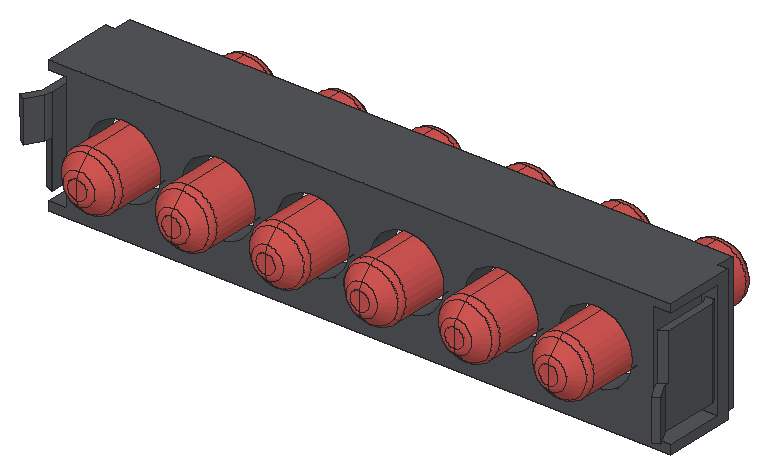
Revit family "ST 6 fibers", category Installations électriques, Revit 2020
Family settings
  Conserver l'orientation des annotations = Non
  Cote de connecteur circulaire = Utiliser le diamètre
  Type d'élément = Normal
  Basée sur le plan de construction = Non
  Toujours verticalement = Oui
  Couper avec des vides une fois chargée = Non
  Partagée = Non
  Point de calcul de pièce = Non
Parameters (values of type "ST block 6 fibers single mode")
  Width (mm) = 108.8 mm
  Type of connector interior = "ST_DUPLEX"
  Type of connector external = "ST_DUPLEX"
  Storage temperature = "-10°C à 60°C"
  RAL Number = "9017"
  Operating temperature = "-10°C à 60°C"
  Number of connectors = 6
  Legrand part number = "032117"
  IP = "IP20"
  IK = "IK04"
  Height = 23 mm
  Function = "Patch panels with optical connector Legrand"
  Fiber optic type = "Single mode"
  Elévation par défaut = 0 mm
  ETIM class = "EC001130"
  EAN = "3414970961792"
  E-catalogue link = "https://www.legrand.fr/reference/032117/pro"
  Depth = 38.7 mm
  Colour of the connectors = IDS_ROUGE
  Color = IDS_NOIR
  BIM wording = "ST block 6 fibers single mode"
Types (2, lengths in mm): name | Legrand part number | Fiber optic type | EAN | E-catalogue link | Colour of the connectors | BIM wording
  ST block 6 fibers single mode | "032117" | "Single mode" | "3414970961792" | "https://www.legrand.fr/reference/032117/pro" | IDS_ROUGE | "ST block 6 fibers single mode"
  ST block 6 fibers multimode | "032127" | "Multimode" | "3414970961914" | "https://www.legrand.fr/reference/032127/pro" | IDS_NOIR | "ST block 6 fibers multimode"
Reference planes
  plane 1 "Centre (avant/arrière)": y = 0
  plane 2: z = 0
  plane 3 "Centre (gauche/droite)": x = 0
  plane 4 "Clip bas": z = 4
  plane 5 "Clip haut": z = 19
  plane 6: x = 105.5
  plane 7: x = 52.75
  plane 8: through (0.797, -2.504, 1200) normal (-0.866, 0.5, 0)
  plane 9: z = 12
  plane 10: x = 12.75
  plane 11: x = 28.75
  plane 12: z = 23
  plane 13: x = 44.75
  plane 14: x = 60.75
  plane 15: x = 76.75
  plane 16: x = 92.75
  plane 17: y = -3.5
  plane 18: y = 25.5
  plane 19: y = 11
Forms (mm)
  Extrusion 1, solid, material "IDS_NOIR"
    sketch origin (0, 0, 0) x (1, 0, 0) y (0, 1, 0)
      loop
        line (0, 0) -> (105.5, 0) -> (105.5, 12) -> (103.9, 12) -> (103.9, 15) -> (1.6, 15) -> (1.6, 12) -> (0, 12) -> (0, 0)
    from 0 to 23
  Extrusion 2, void
    sketch origin (0, 0, 0) x (-1, 0, 0) y (0, 0, 1)
      loop
        line (0, 21.5) -> (-3, 21.5) -> (-3, 1.5) -> (0, 1.5) -> (0, 21.5)
      loop
        line (-105.5, 21.5) -> (-105.5, 1.5) -> (-102.5, 1.5) -> (-102.5, 21.5) -> (-105.5, 21.5)
    from 0 to 10
  Extrusion 3, solid, material "IDS_NOIR"
    sketch origin (0, 25.162, 4) x (0, 1, 0) y (-1, 0, 0)
      loop
        line (-29.912, 0.5) -> (-27.374, -0.965)
        arc (-27.374, -0.965) -> (-26.771, -1.215) -> (-26.124, -1.3) r 2.5
        line (-26.124, -1.3) -> (-16.662, -1.3) -> (-15.162, -2.166) -> (-15.162, -0.665) -> (-16.313, 0) -> (-26.446, 0) -> (-29.262, 1.626) -> (-29.912, 0.5)
      loop
        line (-29.912, -106) -> (-29.262, -107.126) -> (-26.446, -105.5) -> (-16.313, -105.5) -> (-15.162, -104.835) -> (-15.162, -103.334) -> (-16.662, -104.2) -> (-26.124, -104.2)
        arc (-26.124, -104.2) -> (-26.771, -104.285) -> (-27.374, -104.535) r 2.5
        line (-27.374, -104.535) -> (-29.912, -106)
    from 0 to 15
  Extrusion 4, void
    sketch origin (0.797, -2.504, 1200) x (0.5, 0.866025, 0) y (0, 0, 1)
      loop
        line (-2.593, -1196) -> (1.407, -1196) -> (1.407, -1188) -> (-2.593, -1188) -> (-2.593, -1196)
    from 0 to -2.615
  Extrusion 5, void
    sketch origin (104.703, -2.504, 1200) x (-0.5, 0.866025, 0) y (0, 0, -1)
      loop
        line (-2.593, 1181) -> (1.407, 1181) -> (1.407, 1189) -> (-2.593, 1189) -> (-2.593, 1181)
    from 0 to -2.615
  Extrusion 6, void
    sketch origin (0, 0, 0) x (-1, 0, 0) y (0, 0, 1)
      loop
        circle (-12.75, 12) r 6.25
      loop
        circle (-28.75, 12) r 6.25
      loop
        circle (-44.75, 12) r 6.25
      loop
        circle (-60.75, 12) r 6.25
      loop
        circle (-76.75, 12) r 6.25
      loop
        circle (-92.75, 12) r 6.25
    from 0 to 15
  Extrusion 7, solid, material "IDS_BLANC"
    sketch origin (-10, 15, 0) x (1, 0, 0) y (0, 0, -1)
      loop
        circle (22.75, -12) r 5.5
      loop
        circle (38.75, -12) r 5.5
      loop
        circle (54.75, -12) r 5.5
      loop
        circle (70.75, -12) r 5.5
      loop
        circle (86.75, -12) r 5.5
      loop
        circle (102.75, -12) r 5.5
    from 0 to -11
  Revolve 8, solid, material "IDS_ROUGE" <- "Colour of the connectors"
    sketch origin (12.75, -1524, 1.878) x (0, 0, -1) y (0, -1, 0)
      loop
        line (-15.122, -1528) -> (-10.122, -1528) -> (-10.122, -1514) -> (-11.747, -1514)
        arc (-11.747, -1514) -> (-12.321, -1514.114) -> (-12.807, -1514.439) r 1.5
        line (-12.807, -1514.439) -> (-14.682, -1516.315)
        arc (-14.682, -1516.315) -> (-15.008, -1516.801) -> (-15.122, -1517.375) r 1.5
        line (-15.122, -1517.375) -> (-15.122, -1528)
      axis (-10.122, -1514) -> (-10.122, -1528)
    angle from 0 to 360
  Revolve 9, solid, material "IDS_ROUGE" <- "Colour of the connectors"
    sketch origin (12.75, 1542.962, 1.878) x (0, 0, -1) y (0, -1, 0)
      loop
        line (-15.122, 1527.962) -> (-15.122, 1517.375)
        arc (-15.122, 1517.375) -> (-15.008, 1516.801) -> (-14.682, 1516.315) r 1.5
        line (-14.682, 1516.315) -> (-12.769, 1514.401)
        arc (-12.769, 1514.401) -> (-12.283, 1514.076) -> (-11.709, 1513.962) r 1.5
        line (-11.709, 1513.962) -> (-10.122, 1513.962) -> (-10.122, 1527.962) -> (-15.122, 1527.962)
      axis (-10.122, 1513.962) -> (-10.122, 1527.962)
    angle from 0 to 360
  Revolve 10, solid, material "IDS_ROUGE" <- "Colour of the connectors"
    sketch origin (28.75, -1524, 1.878) x (0, 0, -1) y (0, -1, 0)
      loop
        line (-15.122, -1528) -> (-10.122, -1528) -> (-10.122, -1514) -> (-11.747, -1514)
        arc (-11.747, -1514) -> (-12.321, -1514.114) -> (-12.807, -1514.439) r 1.5
        line (-12.807, -1514.439) -> (-14.682, -1516.315)
        arc (-14.682, -1516.315) -> (-15.008, -1516.801) -> (-15.122, -1517.375) r 1.5
        line (-15.122, -1517.375) -> (-15.122, -1528)
      axis (-10.122, -1514) -> (-10.122, -1528)
    angle from 0 to 360
  Revolve 11, solid, material "IDS_ROUGE" <- "Colour of the connectors"
    sketch origin (28.75, 1542.962, 1.878) x (0, 0, -1) y (0, -1, 0)
      loop
        line (-15.122, 1527.962) -> (-15.122, 1517.375)
        arc (-15.122, 1517.375) -> (-15.008, 1516.801) -> (-14.682, 1516.315) r 1.5
        line (-14.682, 1516.315) -> (-12.769, 1514.401)
        arc (-12.769, 1514.401) -> (-12.283, 1514.076) -> (-11.709, 1513.962) r 1.5
        line (-11.709, 1513.962) -> (-10.122, 1513.962) -> (-10.122, 1527.962) -> (-15.122, 1527.962)
      axis (-10.122, 1513.962) -> (-10.122, 1527.962)
    angle from 0 to 360
  Revolve 12, solid, material "IDS_ROUGE" <- "Colour of the connectors"
    sketch origin (44.75, -1524, 1.878) x (0, 0, -1) y (0, -1, 0)
      loop
        line (-15.122, -1528) -> (-10.122, -1528) -> (-10.122, -1514) -> (-11.747, -1514)
        arc (-11.747, -1514) -> (-12.321, -1514.114) -> (-12.807, -1514.439) r 1.5
        line (-12.807, -1514.439) -> (-14.682, -1516.315)
        arc (-14.682, -1516.315) -> (-15.008, -1516.801) -> (-15.122, -1517.375) r 1.5
        line (-15.122, -1517.375) -> (-15.122, -1528)
      axis (-10.122, -1514) -> (-10.122, -1528)
    angle from 0 to 360
  Revolve 13, solid, material "IDS_ROUGE" <- "Colour of the connectors"
    sketch origin (44.75, 1542.962, 1.878) x (0, 0, -1) y (0, -1, 0)
      loop
        line (-15.122, 1527.962) -> (-15.122, 1517.375)
        arc (-15.122, 1517.375) -> (-15.008, 1516.801) -> (-14.682, 1516.315) r 1.5
        line (-14.682, 1516.315) -> (-12.769, 1514.401)
        arc (-12.769, 1514.401) -> (-12.283, 1514.076) -> (-11.709, 1513.962) r 1.5
        line (-11.709, 1513.962) -> (-10.122, 1513.962) -> (-10.122, 1527.962) -> (-15.122, 1527.962)
      axis (-10.122, 1513.962) -> (-10.122, 1527.962)
    angle from 0 to 360
  Revolve 14, solid, material "IDS_ROUGE" <- "Colour of the connectors"
    sketch origin (60.75, -1524, 1.878) x (0, 0, -1) y (0, -1, 0)
      loop
        line (-15.122, -1528) -> (-10.122, -1528) -> (-10.122, -1514) -> (-11.747, -1514)
        arc (-11.747, -1514) -> (-12.321, -1514.114) -> (-12.807, -1514.439) r 1.5
        line (-12.807, -1514.439) -> (-14.682, -1516.315)
        arc (-14.682, -1516.315) -> (-15.008, -1516.801) -> (-15.122, -1517.375) r 1.5
        line (-15.122, -1517.375) -> (-15.122, -1528)
      axis (-10.122, -1514) -> (-10.122, -1528)
    angle from 0 to 360
  Revolve 15, solid, material "IDS_ROUGE" <- "Colour of the connectors"
    sketch origin (60.75, 1542.962, 1.878) x (0, 0, -1) y (0, -1, 0)
      loop
        line (-15.122, 1527.962) -> (-15.122, 1517.375)
        arc (-15.122, 1517.375) -> (-15.008, 1516.801) -> (-14.682, 1516.315) r 1.5
        line (-14.682, 1516.315) -> (-12.769, 1514.401)
        arc (-12.769, 1514.401) -> (-12.283, 1514.076) -> (-11.709, 1513.962) r 1.5
        line (-11.709, 1513.962) -> (-10.122, 1513.962) -> (-10.122, 1527.962) -> (-15.122, 1527.962)
      axis (-10.122, 1513.962) -> (-10.122, 1527.962)
    angle from 0 to 360
  Revolve 16, solid, material "IDS_ROUGE" <- "Colour of the connectors"
    sketch origin (76.75, -1524, 1.878) x (0, 0, -1) y (0, -1, 0)
      loop
        line (-15.122, -1528) -> (-10.122, -1528) -> (-10.122, -1514) -> (-11.747, -1514)
        arc (-11.747, -1514) -> (-12.321, -1514.114) -> (-12.807, -1514.439) r 1.5
        line (-12.807, -1514.439) -> (-14.682, -1516.315)
        arc (-14.682, -1516.315) -> (-15.008, -1516.801) -> (-15.122, -1517.375) r 1.5
        line (-15.122, -1517.375) -> (-15.122, -1528)
      axis (-10.122, -1514) -> (-10.122, -1528)
    angle from 0 to 360
  Revolve 17, solid, material "IDS_ROUGE" <- "Colour of the connectors"
    sketch origin (76.75, 1542.962, 1.878) x (0, 0, -1) y (0, -1, 0)
      loop
        line (-15.122, 1527.962) -> (-15.122, 1517.375)
        arc (-15.122, 1517.375) -> (-15.008, 1516.801) -> (-14.682, 1516.315) r 1.5
        line (-14.682, 1516.315) -> (-12.769, 1514.401)
        arc (-12.769, 1514.401) -> (-12.283, 1514.076) -> (-11.709, 1513.962) r 1.5
        line (-11.709, 1513.962) -> (-10.122, 1513.962) -> (-10.122, 1527.962) -> (-15.122, 1527.962)
      axis (-10.122, 1513.962) -> (-10.122, 1527.962)
    angle from 0 to 360
  Revolve 18, solid, material "IDS_ROUGE" <- "Colour of the connectors"
    sketch origin (92.75, -1524, 1.878) x (0, 0, -1) y (0, -1, 0)
      loop
        line (-15.122, -1528) -> (-10.122, -1528) -> (-10.122, -1514) -> (-11.747, -1514)
        arc (-11.747, -1514) -> (-12.321, -1514.114) -> (-12.807, -1514.439) r 1.5
        line (-12.807, -1514.439) -> (-14.682, -1516.315)
        arc (-14.682, -1516.315) -> (-15.008, -1516.801) -> (-15.122, -1517.375) r 1.5
        line (-15.122, -1517.375) -> (-15.122, -1528)
      axis (-10.122, -1514) -> (-10.122, -1528)
    angle from 0 to 360
  Revolve 19, solid, material "IDS_ROUGE" <- "Colour of the connectors"
    sketch origin (92.75, 1542.962, 1.878) x (0, 0, -1) y (0, -1, 0)
      loop
        line (-15.122, 1527.962) -> (-15.122, 1517.375)
        arc (-15.122, 1517.375) -> (-15.008, 1516.801) -> (-14.682, 1516.315) r 1.5
        line (-14.682, 1516.315) -> (-12.769, 1514.401)
        arc (-12.769, 1514.401) -> (-12.283, 1514.076) -> (-11.709, 1513.962) r 1.5
        line (-11.709, 1513.962) -> (-10.122, 1513.962) -> (-10.122, 1527.962) -> (-15.122, 1527.962)
      axis (-10.122, 1513.962) -> (-10.122, 1527.962)
    angle from 0 to 360
Cuts and joins
  Extrusion 2, Extrusion 6 cuts Extrusion 1
  Extrusion 4, Extrusion 5 cuts Extrusion 3
Dimensions and locks
  locked: plane 1 "Centre (avant/arrière)" to Extrusion 1 sketch curve at 15
  locked: Extrusion 1 sketch curve to Extrusion 1 sketch curve at 105.5
  locked: Extrusion 1 sketch curve to Extrusion 1 sketch curve at 1.6  (x2)
  locked: Extrusion 1 sketch curve to Extrusion 1 sketch curve at 12
  locked: Extrusion 2 sketch curve to level at 1.5
  locked: Extrusion 1 to Extrusion 2 sketch curve at 1.5
  locked: Extrusion 2 sketch curve to plane 3 "Centre (gauche/droite)" at 3
  locked: Extrusion 2 sketch curve to Extrusion 1 at 3
  plane 4 "Clip bas" to level = 4 mm
  cut or joined group of Extrusion 1, Extrusion 2, Extrusion 6 to plane 5 "Clip haut" = 4 mm
  locked: Extrusion 3 sketch curve to plane 3 "Centre (gauche/droite)" at 0.5
  locked: Extrusion 3 sketch curve to plane 1 "Centre (avant/arrière)" at 4.75
  locked: plane 3 "Centre (gauche/droite)" to Extrusion 3 sketch curve at 1.3
  plane 1 "Centre (avant/arrière)" to Extrusion 3 sketch curve = 8.5 mm
  equal spacing: plane 3 "Centre (gauche/droite)", plane 7, plane 6, locked at 52.75 each
  locked: Extrusion 3 to Extrusion 4 sketch curve at 4
  locked: Extrusion 3 to Extrusion 4 sketch curve at 8
  cut or joined group of Extrusion 3, Extrusion 4, Extrusion 5 to Extrusion 5 sketch curve = 8 mm
  Extrusion 5 sketch curve to cut or joined group of Extrusion 3, Extrusion 4, Extrusion 5 = 4 mm
  locked: plane 12 to level at 23
  locked: plane 17 to cut or joined group of Extrusion 1, Extrusion 2, Extrusion 6 at 3.5
  locked: plane 18 to cut or joined group of Extrusion 1, Extrusion 2, Extrusion 6 at 10.5
  equal spacing: plane 18, plane 19, plane 17
  locked: plane 10 to plane 3 "Centre (gauche/droite)" at 12.75
  locked: plane 6 to plane 16 at 12.75
  plane 10 to plane 11 to plane 13 to plane 14 to plane 15 to plane 16 = 16 mm locked, 16 mm locked, 16 mm locked, 16 mm locked, 16 mm locked
  plane 9 to level = 12 mm
  Extrusion 7 to Revolve 8 sketch curve = 14 mm
  Revolve 8 sketch curve to Revolve 8 sketch curve = 1.625 mm
  Revolve 8 sketch curve to Revolve 8 sketch curve = 5 mm
  Revolve 9 sketch curve to Revolve 9 sketch curve = 1.587 mm
  Revolve 9 sketch curve to Revolve 9 sketch curve = 5 mm
  Revolve 9 sketch curve to cut or joined group of Extrusion 1, Extrusion 2, Extrusion 6 = 14 mm
  Revolve 10 sketch curve to Revolve 10 sketch curve = 1.625 mm
  Revolve 10 sketch curve to Revolve 10 sketch curve = 5 mm
  Revolve 11 sketch curve to Revolve 11 sketch curve = 1.587 mm
  Revolve 11 sketch curve to Revolve 11 sketch curve = 5 mm
  Revolve 12 sketch curve to Revolve 12 sketch curve = 1.625 mm
  Revolve 12 sketch curve to Revolve 12 sketch curve = 5 mm
  Revolve 13 sketch curve to Revolve 13 sketch curve = 1.587 mm
  Revolve 13 sketch curve to Revolve 13 sketch curve = 5 mm
  Revolve 14 sketch curve to Revolve 14 sketch curve = 1.625 mm
  Revolve 14 sketch curve to Revolve 14 sketch curve = 5 mm
  Revolve 15 sketch curve to Revolve 15 sketch curve = 1.587 mm
  Revolve 15 sketch curve to Revolve 15 sketch curve = 5 mm
  Revolve 16 sketch curve to Revolve 16 sketch curve = 1.625 mm
  Revolve 16 sketch curve to Revolve 16 sketch curve = 5 mm
  Revolve 17 sketch curve to Revolve 17 sketch curve = 1.587 mm
  Revolve 17 sketch curve to Revolve 17 sketch curve = 5 mm
  Revolve 18 sketch curve to Revolve 18 sketch curve = 1.625 mm
  Revolve 18 sketch curve to Revolve 18 sketch curve = 5 mm
  Revolve 19 sketch curve to Revolve 19 sketch curve = 1.587 mm
  Revolve 19 sketch curve to Revolve 19 sketch curve = 5 mm
  radius of Extrusion 7 sketch curve = 5.5 mm
  locked: cut or joined group of Extrusion 1, Extrusion 2, Extrusion 6 to Extrusion 3 sketch curve (angle 60.00°)
  angle Revolve 8 sketch curve to Revolve 8 sketch curve = 45.00°
  angle Revolve 9 sketch curve to Revolve 9 sketch curve = 45.00°
  angle Revolve 10 sketch curve to Revolve 10 sketch curve = 45.00°
  angle Revolve 11 sketch curve to Revolve 11 sketch curve = 45.00°
  angle Revolve 12 sketch curve to Revolve 12 sketch curve = 45.00°
  angle Revolve 13 sketch curve to Revolve 13 sketch curve = 45.00°
  angle Revolve 14 sketch curve to Revolve 14 sketch curve = 45.00°
  angle Revolve 15 sketch curve to Revolve 15 sketch curve = 45.00°
  angle Revolve 16 sketch curve to Revolve 16 sketch curve = 45.00°
  angle Revolve 17 sketch curve to Revolve 17 sketch curve = 45.00°
  angle Revolve 18 sketch curve to Revolve 18 sketch curve = 45.00°
  angle Revolve 19 sketch curve to Revolve 19 sketch curve = 45.00°
  aligned and locked: level to plane 2
  aligned and locked: plane 5 "Clip haut" to Extrusion 3
  aligned and locked: Extrusion 3 to plane 4 "Clip bas"
  aligned and locked: plane 6 to cut or joined group of Extrusion 1, Extrusion 2, Extrusion 6
  aligned and locked: Extrusion 4 sketch curve to Extrusion 3
  aligned and locked: Extrusion 3 to Extrusion 4 sketch curve
  aligned and locked: plane 8 to Extrusion 3
  aligned and locked: Extrusion 5 sketch curve to cut or joined group of Extrusion 3, Extrusion 4, Extrusion 5
  aligned and locked: plane 12 to cut or joined group of Extrusion 1, Extrusion 2, Extrusion 6
  aligned and locked: Extrusion 2 sketch curve to Extrusion 2 sketch curve  (x2)
  aligned and locked: cut or joined group of Extrusion 1, Extrusion 2, Extrusion 6 to Extrusion 6
  aligned and locked: Revolve 9 sketch curve to Revolve 9 sketch curve
  aligned and locked: Revolve 11 sketch curve to Revolve 11 sketch curve
  aligned and locked: Revolve 13 sketch curve to Revolve 13 sketch curve
  aligned and locked: Revolve 15 sketch curve to Revolve 15 sketch curve
  aligned and locked: Revolve 17 sketch curve to Revolve 17 sketch curve
  aligned and locked: Revolve 19 sketch curve to Revolve 19 sketch curve
Automatic sketch dimensions
  plane 1 "Centre (avant/arrière)" to Extrusion 1 sketch curve = 0 mm
  Extrusion 1 sketch curve to plane 3 "Centre (gauche/droite)" = 0 mm
  plane 19 to Extrusion 1 sketch curve = 1 mm
  plane 6 to Extrusion 2 sketch curve = 0 mm
  Extrusion 2 sketch curve to plane 3 "Centre (gauche/droite)" = 0 mm
  Extrusion 3 sketch curve to plane 6 = 0 mm
  Extrusion 3 sketch curve to plane 3 "Centre (gauche/droite)" = 0 mm
  Extrusion 3 sketch curve to plane 17 = 1.25 mm
  Extrusion 3 sketch curve to plane 17 = 0.6 mm  (x2)
  plane 3 "Centre (gauche/droite)" to Extrusion 3 sketch curve = 0.965 mm
  plane 17 to Extrusion 3 sketch curve = 1.288 mm
  plane 1 "Centre (avant/arrière)" to Extrusion 3 sketch curve = 1.284 mm
  plane 1 "Centre (avant/arrière)" to Extrusion 3 sketch curve = 0.962 mm  (x2)
  Extrusion 3 sketch curve to plane 19 = 2.5 mm
  Extrusion 3 sketch curve to Extrusion 3 sketch curve = 0.348 mm  (x2)
  Extrusion 3 sketch curve to plane 19 = 1 mm  (x2)
  Extrusion 3 sketch curve to plane 6 = 0.5 mm
  Extrusion 3 sketch curve to plane 6 = 1.2 mm
  plane 6 to Extrusion 3 sketch curve = 0.665 mm
  Extrusion 3 sketch curve to Extrusion 3 sketch curve = 1.501 mm
  Extrusion 3 sketch curve to Extrusion 3 sketch curve = 0.866 mm
  plane 3 "Centre (gauche/droite)" to Extrusion 3 sketch curve = 0.665 mm
  Extrusion 5 sketch curve to Extrusion 5 sketch curve = 4 mm
  Extrusion 6 sketch curve to plane 9 = 0 mm  (x6)
  Extrusion 6 sketch curve to plane 16 = 0 mm
  plane 15 to Extrusion 6 sketch curve = 0 mm
  plane 14 to Extrusion 6 sketch curve = 0 mm
  plane 13 to Extrusion 6 sketch curve = 0 mm
  plane 11 to Extrusion 6 sketch curve = 0 mm
  plane 10 to Extrusion 6 sketch curve = 0 mm
  Extrusion 7 sketch curve to Extrusion 1 = 11.15 mm
  Extrusion 7 sketch curve to Extrusion 7 sketch curve = 16 mm  (x4)
  Extrusion 1 to Extrusion 7 sketch curve = 11.15 mm
  Extrusion 1 to Extrusion 7 sketch curve = 11 mm  (x6)
  Revolve 8 sketch curve to plane 9 = 0 mm  (x2)
  Revolve 8 sketch curve to Revolve 8 sketch curve = 0.439 mm  (x2)
  Revolve 8 sketch curve to Revolve 8 sketch curve = 1.061 mm
  Revolve 8 sketch curve to plane 1 "Centre (avant/arrière)" = 4 mm
  Revolve 8 sketch curve to Revolve 8 sketch curve = 0 mm  (x2)
  Revolve 9 sketch curve to plane 9 = 0 mm  (x2)
  Revolve 9 sketch curve to Revolve 9 sketch curve = 0.439 mm  (x2)
  Revolve 9 sketch curve to Revolve 9 sketch curve = 1.061 mm
  plane 19 to Revolve 9 sketch curve = 4 mm
  Revolve 9 sketch curve to Revolve 9 sketch curve = 0.038 mm
  Revolve 10 sketch curve to plane 9 = 0 mm  (x2)
  Revolve 10 sketch curve to Revolve 10 sketch curve = 0.439 mm
  Revolve 10 sketch curve to Revolve 10 sketch curve = 1.061 mm  (x2)
  Revolve 10 sketch curve to plane 1 "Centre (avant/arrière)" = 4 mm
  Revolve 10 sketch curve to plane 17 = 3.125 mm
  Revolve 10 sketch curve to Revolve 10 sketch curve = 0 mm  (x2)
  Revolve 11 sketch curve to plane 9 = 0 mm  (x2)
  plane 18 to Revolve 11 sketch curve = 1.148 mm
  Revolve 11 sketch curve to Revolve 11 sketch curve = 0.439 mm  (x2)
  Revolve 11 sketch curve to Revolve 11 sketch curve = 1.061 mm
  plane 19 to Revolve 11 sketch curve = 4 mm
  Revolve 11 sketch curve to Revolve 11 sketch curve = 0.038 mm
  Revolve 12 sketch curve to plane 9 = 0 mm  (x2)
  Revolve 12 sketch curve to Revolve 12 sketch curve = 0.439 mm
  Revolve 12 sketch curve to Revolve 12 sketch curve = 1.061 mm  (x2)
  Revolve 12 sketch curve to plane 1 "Centre (avant/arrière)" = 4 mm
  Revolve 12 sketch curve to plane 17 = 3.125 mm
  Revolve 12 sketch curve to Revolve 12 sketch curve = 0 mm  (x2)
  Revolve 13 sketch curve to plane 9 = 0 mm  (x2)
  plane 18 to Revolve 13 sketch curve = 1.148 mm
  Revolve 13 sketch curve to Revolve 13 sketch curve = 0.439 mm  (x2)
  Revolve 13 sketch curve to Revolve 13 sketch curve = 1.061 mm
  plane 19 to Revolve 13 sketch curve = 4 mm
  Revolve 13 sketch curve to Revolve 13 sketch curve = 0.038 mm
  Revolve 14 sketch curve to plane 9 = 0 mm  (x2)
  Revolve 14 sketch curve to Revolve 14 sketch curve = 0.439 mm
  Revolve 14 sketch curve to Revolve 14 sketch curve = 1.061 mm  (x2)
  Revolve 14 sketch curve to plane 1 "Centre (avant/arrière)" = 4 mm
  Revolve 14 sketch curve to plane 17 = 3.125 mm
  Revolve 14 sketch curve to Revolve 14 sketch curve = 0 mm  (x2)
  Revolve 15 sketch curve to plane 9 = 0 mm  (x2)
  plane 18 to Revolve 15 sketch curve = 1.148 mm
  Revolve 15 sketch curve to Revolve 15 sketch curve = 0.439 mm  (x2)
  Revolve 15 sketch curve to Revolve 15 sketch curve = 1.061 mm
  plane 19 to Revolve 15 sketch curve = 4 mm
  Revolve 15 sketch curve to Revolve 15 sketch curve = 0.038 mm
  Revolve 16 sketch curve to plane 9 = 0 mm  (x2)
  Revolve 16 sketch curve to Revolve 16 sketch curve = 0.439 mm
  Revolve 16 sketch curve to Revolve 16 sketch curve = 1.061 mm  (x2)
  Revolve 16 sketch curve to plane 1 "Centre (avant/arrière)" = 4 mm
  Revolve 16 sketch curve to plane 17 = 3.125 mm
  Revolve 16 sketch curve to Revolve 16 sketch curve = 0 mm  (x2)
  Revolve 17 sketch curve to plane 9 = 0 mm  (x2)
  plane 18 to Revolve 17 sketch curve = 1.148 mm
  Revolve 17 sketch curve to Revolve 17 sketch curve = 0.439 mm  (x2)
  Revolve 17 sketch curve to Revolve 17 sketch curve = 1.061 mm
  plane 19 to Revolve 17 sketch curve = 4 mm
  Revolve 17 sketch curve to Revolve 17 sketch curve = 0.038 mm
  Revolve 18 sketch curve to plane 9 = 0 mm  (x2)
  Revolve 18 sketch curve to Revolve 18 sketch curve = 0.439 mm
  Revolve 18 sketch curve to Revolve 18 sketch curve = 1.061 mm  (x2)
  Revolve 18 sketch curve to plane 1 "Centre (avant/arrière)" = 4 mm
  Revolve 18 sketch curve to plane 17 = 3.125 mm
  Revolve 18 sketch curve to Revolve 18 sketch curve = 0 mm  (x2)
  Revolve 19 sketch curve to plane 9 = 0 mm  (x2)
  plane 18 to Revolve 19 sketch curve = 1.148 mm
  Revolve 19 sketch curve to Revolve 19 sketch curve = 0.439 mm  (x2)
  Revolve 19 sketch curve to Revolve 19 sketch curve = 1.061 mm
  plane 19 to Revolve 19 sketch curve = 4 mm
  Revolve 19 sketch curve to Revolve 19 sketch curve = 0.038 mm
  radius of Extrusion 6 sketch curve = 6.25 mm  (x6)
  radius of Extrusion 7 sketch curve = 5.5 mm  (x5)
